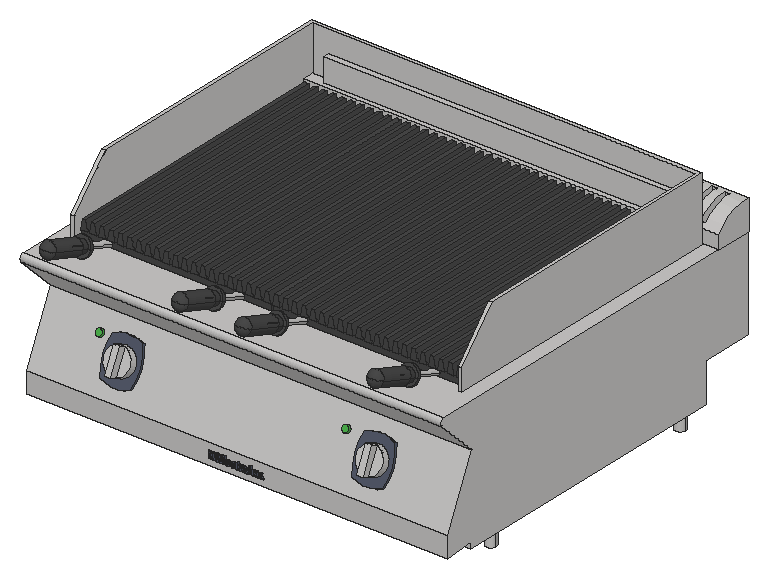
Revit family "QF_ELECTROLUXPROFESSIONAL_371240_E7GREHGS0U", category Specialty Equipment, Revit 2018 (continued)
Automatic sketch dimensions
  Extrusion 33 sketch curve to Extrusion 33 sketch curve = 1.251 mm
  Extrusion 33 sketch curve to Extrusion 33 sketch curve = 0.572 mm
  Extrusion 33 sketch curve to Extrusion 33 sketch curve = 1.92 mm
  Extrusion 33 sketch curve to Extrusion 33 sketch curve = 1.224 mm
  Extrusion 33 sketch curve to Extrusion 33 sketch curve = 0.745 mm
  Extrusion 33 sketch curve to Extrusion 33 sketch curve = 2.537 mm
  Extrusion 33 sketch curve to Extrusion 33 sketch curve = 0.896 mm  (x3)
  Extrusion 33 sketch curve to Extrusion 33 sketch curve = 0.036 mm
  Extrusion 33 sketch curve to Extrusion 33 sketch curve = 2.607 mm
  Extrusion 33 sketch curve to Extrusion 33 sketch curve = 0.066 mm
  Extrusion 33 sketch curve to Extrusion 33 sketch curve = 0.248 mm
  Extrusion 33 sketch curve to Extrusion 33 sketch curve = 0.449 mm
  Extrusion 33 sketch curve to Extrusion 33 sketch curve = 1.052 mm
  Extrusion 33 sketch curve to Extrusion 33 sketch curve = 1.863 mm
  Extrusion 33 sketch curve to Extrusion 33 sketch curve = 1.31 mm  (x2)
  Extrusion 33 sketch curve to Extrusion 33 sketch curve = 0.901 mm
  Extrusion 33 sketch curve to Extrusion 33 sketch curve = 1.107 mm
  Extrusion 33 sketch curve to Extrusion 33 sketch curve = 2.122 mm
  Extrusion 33 sketch curve to Extrusion 33 sketch curve = 2.101 mm
  Extrusion 33 sketch curve to Extrusion 33 sketch curve = 0.106 mm
  Extrusion 33 sketch curve to Extrusion 33 sketch curve = 0.029 mm
  Extrusion 33 sketch curve to Extrusion 33 sketch curve = 2.09 mm
  Extrusion 33 sketch curve to Extrusion 33 sketch curve = 1.279 mm
  Extrusion 33 sketch curve to Extrusion 33 sketch curve = 2.008 mm
  Extrusion 33 sketch curve to Extrusion 33 sketch curve = 0.738 mm
  Extrusion 33 sketch curve to Extrusion 33 sketch curve = 0.382 mm
  Extrusion 33 sketch curve to Extrusion 33 sketch curve = 0.384 mm
  Extrusion 33 sketch curve to Extrusion 33 sketch curve = 0.002 mm
  Extrusion 33 sketch curve to Extrusion 33 sketch curve = 0.561 mm
  Extrusion 33 sketch curve to Extrusion 33 sketch curve = 0.592 mm
  Extrusion 33 sketch curve to Extrusion 33 sketch curve = 2.692 mm
  Extrusion 33 sketch curve to Extrusion 33 sketch curve = 1.259 mm
  Extrusion 33 sketch curve to Extrusion 33 sketch curve = 0.802 mm
  Extrusion 33 sketch curve to Extrusion 33 sketch curve = 1.024 mm
  Extrusion 33 sketch curve to Extrusion 33 sketch curve = 0.682 mm
  Extrusion 33 sketch curve to Extrusion 33 sketch curve = 5.934 mm
  Extrusion 33 sketch curve to Extrusion 33 sketch curve = 2.186 mm
  Extrusion 33 sketch curve to Extrusion 33 sketch curve = 0.337 mm
  Extrusion 33 sketch curve to Extrusion 33 sketch curve = 0.021 mm
  Extrusion 33 sketch curve to Extrusion 33 sketch curve = 1.005 mm
  Extrusion 33 sketch curve to Extrusion 33 sketch curve = 0.552 mm
  Extrusion 33 sketch curve to Extrusion 33 sketch curve = 0.778 mm
  Extrusion 33 sketch curve to Extrusion 33 sketch curve = 0.063 mm
  Extrusion 33 sketch curve to Extrusion 33 sketch curve = 1.023 mm
  Extrusion 33 sketch curve to Extrusion 33 sketch curve = 3.804 mm
  Extrusion 33 sketch curve to Extrusion 33 sketch curve = 0.486 mm
  Extrusion 33 sketch curve to Extrusion 33 sketch curve = 0.266 mm  (x2)
  Extrusion 33 sketch curve to Extrusion 33 sketch curve = 1.547 mm
  Extrusion 33 sketch curve to Extrusion 33 sketch curve = 0.717 mm  (x2)
  Extrusion 33 sketch curve to Extrusion 33 sketch curve = 1.667 mm
  Extrusion 33 sketch curve to Extrusion 33 sketch curve = 3.174 mm
  Extrusion 33 sketch curve to Extrusion 33 sketch curve = 0.388 mm
  Extrusion 33 sketch curve to Extrusion 33 sketch curve = 1.342 mm
  Extrusion 33 sketch curve to Extrusion 33 sketch curve = 1.521 mm
  Extrusion 33 sketch curve to Extrusion 33 sketch curve = 0.124 mm
  Extrusion 33 sketch curve to Extrusion 33 sketch curve = 0.291 mm
  plane 7 "Center Y" to Extrusion 33 sketch curve = 3.796 mm
  Extrusion 33 sketch curve to Extrusion 33 sketch curve = 1.049 mm  (x2)
  Extrusion 33 sketch curve to Extrusion 33 sketch curve = 1.7 mm
  Extrusion 33 sketch curve to Extrusion 33 sketch curve = 0.894 mm
  Extrusion 33 sketch curve to Extrusion 33 sketch curve = 0.989 mm
  Extrusion 33 sketch curve to Extrusion 33 sketch curve = 1.168 mm
  Extrusion 33 sketch curve to Extrusion 33 sketch curve = 1.594 mm
  Extrusion 33 sketch curve to Extrusion 33 sketch curve = 0.731 mm
  Extrusion 33 sketch curve to Extrusion 33 sketch curve = 1.566 mm
  Extrusion 33 sketch curve to Extrusion 33 sketch curve = 0.064 mm
  plane 7 "Center Y" to Extrusion 33 sketch curve = 4.352 mm
  Extrusion 33 sketch curve to Extrusion 33 sketch curve = 0.556 mm  (x2)
  Extrusion 33 sketch curve to Extrusion 33 sketch curve = 0.48 mm
  Extrusion 33 sketch curve to Extrusion 33 sketch curve = 0.228 mm
  Extrusion 33 sketch curve to Extrusion 33 sketch curve = 1.018 mm
  Extrusion 33 sketch curve to Extrusion 33 sketch curve = 0.787 mm
  Extrusion 33 sketch curve to Extrusion 33 sketch curve = 0.618 mm
  Extrusion 33 sketch curve to Extrusion 33 sketch curve = 1.672 mm
  Extrusion 33 sketch curve to Extrusion 33 sketch curve = 1.361 mm
  Extrusion 33 sketch curve to Extrusion 33 sketch curve = 0.822 mm
  Extrusion 33 sketch curve to Extrusion 33 sketch curve = 0.069 mm
  Extrusion 33 sketch curve to Extrusion 33 sketch curve = 1.88 mm
  Extrusion 33 sketch curve to Extrusion 33 sketch curve = 0.42 mm
  Extrusion 33 sketch curve to Extrusion 33 sketch curve = 0.062 mm
  Extrusion 33 sketch curve to Extrusion 33 sketch curve = 1.355 mm
  Extrusion 33 sketch curve to Extrusion 33 sketch curve = 2.34 mm
  Extrusion 33 sketch curve to Extrusion 33 sketch curve = 0.493 mm
  Extrusion 33 sketch curve to Extrusion 33 sketch curve = 0.136 mm
  Extrusion 33 sketch curve to Extrusion 33 sketch curve = 0.128 mm
  Extrusion 33 sketch curve to Extrusion 33 sketch curve = 3.616 mm
  Extrusion 33 sketch curve to Extrusion 33 sketch curve = 4.207 mm
  Extrusion 33 sketch curve to Extrusion 33 sketch curve = 0.183 mm
  Extrusion 33 sketch curve to Extrusion 33 sketch curve = 0.895 mm
  Extrusion 33 sketch curve to Extrusion 33 sketch curve = 1.314 mm
  plane 7 "Center Y" to Extrusion 33 sketch curve = 1.492 mm
  Extrusion 33 sketch curve to Extrusion 33 sketch curve = 3.231 mm
  Extrusion 33 sketch curve to Extrusion 33 sketch curve = 1.299 mm
  Extrusion 33 sketch curve to Extrusion 33 sketch curve = 1.214 mm
  Extrusion 33 sketch curve to Extrusion 33 sketch curve = 1.264 mm
  Extrusion 33 sketch curve to Extrusion 33 sketch curve = 0.109 mm
  Extrusion 33 sketch curve to Extrusion 33 sketch curve = 0.357 mm
  Extrusion 33 sketch curve to Extrusion 33 sketch curve = 0.565 mm
  Extrusion 33 sketch curve to Extrusion 33 sketch curve = 2.504 mm
  Extrusion 33 sketch curve to Extrusion 33 sketch curve = 2.459 mm
  Extrusion 33 sketch curve to Extrusion 33 sketch curve = 1.322 mm
  Extrusion 33 sketch curve to Extrusion 33 sketch curve = 2.77 mm
  Extrusion 33 sketch curve to Extrusion 33 sketch curve = 2.51 mm
  Extrusion 33 sketch curve to Extrusion 33 sketch curve = 0.187 mm
  Extrusion 33 sketch curve to Extrusion 33 sketch curve = 2.559 mm
  Extrusion 33 sketch curve to Extrusion 33 sketch curve = 1.556 mm
  Extrusion 33 sketch curve to Extrusion 33 sketch curve = 0.222 mm
  Extrusion 33 sketch curve to Extrusion 33 sketch curve = 1.383 mm
  Extrusion 33 sketch curve to Extrusion 33 sketch curve = 3.114 mm
  Extrusion 33 sketch curve to Extrusion 33 sketch curve = 3.376 mm
  Extrusion 33 sketch curve to Extrusion 33 sketch curve = 0.934 mm
  Extrusion 33 sketch curve to Extrusion 33 sketch curve = 0.191 mm
  Extrusion 33 sketch curve to Extrusion 33 sketch curve = 3.696 mm
  Extrusion 33 sketch curve to Extrusion 33 sketch curve = 2.708 mm
  Extrusion 33 sketch curve to Extrusion 33 sketch curve = 3.333 mm
  Extrusion 33 sketch curve to Extrusion 33 sketch curve = 0.332 mm
  Extrusion 33 sketch curve to Extrusion 33 sketch curve = 1.087 mm
  Extrusion 33 sketch curve to Extrusion 33 sketch curve = 2.23 mm
  Extrusion 33 sketch curve to Extrusion 33 sketch curve = 2.757 mm
  Extrusion 33 sketch curve to Extrusion 33 sketch curve = 0.987 mm
  Extrusion 33 sketch curve to Extrusion 33 sketch curve = 1.529 mm
  Extrusion 33 sketch curve to Extrusion 33 sketch curve = 1.796 mm
  Extrusion 33 sketch curve to Extrusion 33 sketch curve = 2.859 mm
  Extrusion 33 sketch curve to Extrusion 33 sketch curve = 0.853 mm
  Extrusion 33 sketch curve to Extrusion 33 sketch curve = 1.241 mm
  Extrusion 33 sketch curve to Extrusion 33 sketch curve = 2.046 mm  (x2)
  Extrusion 33 sketch curve to Extrusion 33 sketch curve = 2.422 mm
  Extrusion 33 sketch curve to Extrusion 33 sketch curve = 0.27 mm  (x2)
  Extrusion 33 sketch curve to Extrusion 33 sketch curve = 0.69 mm
  Extrusion 33 sketch curve to Extrusion 33 sketch curve = 0.781 mm  (x2)
  Extrusion 33 sketch curve to Extrusion 33 sketch curve = 3.136 mm
  Extrusion 33 sketch curve to Extrusion 33 sketch curve = 1.767 mm
  Extrusion 33 sketch curve to Extrusion 33 sketch curve = 0.138 mm
  Extrusion 33 sketch curve to Extrusion 33 sketch curve = 0.777 mm
  Extrusion 33 sketch curve to Extrusion 33 sketch curve = 1.19 mm
  Extrusion 33 sketch curve to Extrusion 33 sketch curve = 0.782 mm
  Extrusion 33 sketch curve to Extrusion 33 sketch curve = 1.268 mm
  Extrusion 33 sketch curve to Extrusion 33 sketch curve = 0.422 mm  (x2)
  Extrusion 33 sketch curve to Extrusion 33 sketch curve = 1.559 mm
  Extrusion 33 sketch curve to Extrusion 33 sketch curve = 3.927 mm
  Extrusion 33 sketch curve to Extrusion 33 sketch curve = 0.983 mm
  Extrusion 33 sketch curve to Extrusion 33 sketch curve = 1.134 mm
  plane 7 "Center Y" to Extrusion 33 sketch curve = 0.896 mm
  Extrusion 33 sketch curve to Extrusion 33 sketch curve = 1.501 mm
  Extrusion 33 sketch curve to Extrusion 33 sketch curve = 1.808 mm
  Extrusion 33 sketch curve to Extrusion 33 sketch curve = 0.643 mm
  Extrusion 33 sketch curve to Extrusion 33 sketch curve = 0.916 mm
  Extrusion 33 sketch curve to Extrusion 33 sketch curve = 0.352 mm
  Extrusion 33 sketch curve to Extrusion 33 sketch curve = 0.458 mm
  Extrusion 33 sketch curve to Extrusion 33 sketch curve = 1.282 mm
  Extrusion 33 sketch curve to Extrusion 33 sketch curve = 1.363 mm
  Extrusion 33 sketch curve to Extrusion 33 sketch curve = 0.685 mm
  Extrusion 33 sketch curve to Extrusion 33 sketch curve = 0.905 mm
  Extrusion 33 sketch curve to Extrusion 33 sketch curve = 2.865 mm
  Extrusion 33 sketch curve to Extrusion 33 sketch curve = 0.472 mm
  Extrusion 33 sketch curve to Extrusion 33 sketch curve = 0.101 mm
  Extrusion 33 sketch curve to Extrusion 33 sketch curve = 0.54 mm
  Extrusion 33 sketch curve to Extrusion 33 sketch curve = 0.02 mm
  Extrusion 33 sketch curve to Extrusion 33 sketch curve = 0.468 mm
  Extrusion 33 sketch curve to Extrusion 33 sketch curve = 0.829 mm
  Extrusion 33 sketch curve to Extrusion 33 sketch curve = 0.582 mm
  Extrusion 33 sketch curve to Extrusion 33 sketch curve = 0.166 mm
  Extrusion 33 sketch curve to Extrusion 33 sketch curve = 0.16 mm
  Extrusion 33 sketch curve to Extrusion 33 sketch curve = 2.781 mm
  Extrusion 33 sketch curve to Extrusion 33 sketch curve = 1.118 mm
  Extrusion 33 sketch curve to Extrusion 33 sketch curve = 0.613 mm
  Extrusion 33 sketch curve to Extrusion 33 sketch curve = 0.361 mm
  Extrusion 33 sketch curve to Extrusion 33 sketch curve = 0.897 mm
  Extrusion 33 sketch curve to Extrusion 33 sketch curve = 0.167 mm
  Extrusion 33 sketch curve to Extrusion 33 sketch curve = 0.292 mm
  Extrusion 33 sketch curve to Extrusion 33 sketch curve = 0.305 mm
  Extrusion 33 sketch curve to Extrusion 33 sketch curve = 1.557 mm
  Extrusion 33 sketch curve to Extrusion 33 sketch curve = 2.499 mm
  Extrusion 33 sketch curve to Extrusion 33 sketch curve = 3.062 mm
  Extrusion 33 sketch curve to Extrusion 33 sketch curve = 2.968 mm
  Extrusion 33 sketch curve to Extrusion 33 sketch curve = 5.044 mm
  Extrusion 33 sketch curve to Extrusion 33 sketch curve = 0.629 mm  (x2)
  Extrusion 33 sketch curve to Extrusion 33 sketch curve = 1.131 mm
  Extrusion 33 sketch curve to Extrusion 33 sketch curve = 0.137 mm
  Extrusion 33 sketch curve to Extrusion 33 sketch curve = 0.027 mm
  Extrusion 33 sketch curve to Extrusion 33 sketch curve = 2.235 mm
  plane 1 "BACK" to curve 129 = 0 mm
  curve 129 to plane 7 "Center Y" = 0 mm
  plane 1 "BACK" to curve 125 = 6.761 mm
  curve 128 to plane 7 "Center Y" = 29.703 mm
  curve 125 to curve 125 = 9.296 mm
  curve 124 to curve 126 = 16.193 mm
  curve 121 to curve 121 = 9.296 mm
  curve 120 to curve 122 = 16.193 mm
  curve 117 to curve 117 = 9.296 mm
  curve 116 to curve 118 = 16.193 mm
  curve 113 to curve 113 = 9.296 mm
  curve 112 to curve 114 = 16.193 mm
  curve 110 to curve 109 = 9.296 mm
  curve 107 to curve 110 = 16.193 mm
  curve 106 to curve 105 = 9.296 mm
  curve 103 to curve 106 = 16.193 mm
  curve 102 to curve 101 = 9.296 mm
  plane 1 "BACK" to curve 97 = 6.761 mm
  curve 97 to curve 101 = 16.193 mm
  curve 97 to curve 97 = 9.296 mm
  curve 96 to curve 98 = 16.193 mm
  curve 93 to curve 93 = 9.296 mm
  curve 92 to curve 94 = 16.193 mm
  curve 89 to curve 89 = 9.296 mm
  curve 88 to curve 90 = 16.193 mm
  curve 85 to curve 85 = 9.296 mm
  curve 84 to curve 86 = 16.193 mm
  curve 81 to curve 81 = 9.296 mm
  curve 80 to curve 82 = 16.193 mm
  curve 77 to curve 77 = 9.296 mm
  curve 76 to curve 78 = 16.193 mm
  curve 73 to curve 73 = 9.296 mm
  plane 7 "Center Y" to curve 185 = 29.703 mm
  curve 184 to curve 183 = 9.296 mm
  curve 182 to curve 181 = 16.193 mm
  curve 180 to curve 179 = 9.296 mm
  curve 178 to curve 177 = 16.193 mm
  curve 176 to curve 175 = 9.296 mm
  curve 175 to curve 173 = 16.193 mm
  curve 172 to curve 171 = 9.296 mm
  curve 171 to curve 169 = 16.193 mm
  curve 168 to curve 167 = 9.296 mm
  curve 167 to curve 165 = 16.193 mm
  curve 164 to curve 163 = 9.296 mm
  curve 163 to curve 161 = 16.193 mm
  curve 160 to curve 159 = 9.296 mm
  curve 158 to curve 157 = 16.193 mm
  curve 156 to curve 155 = 9.296 mm
  curve 154 to curve 153 = 16.193 mm
  curve 152 to curve 151 = 9.296 mm
  curve 150 to curve 149 = 16.193 mm
  curve 148 to curve 147 = 9.296 mm
  curve 146 to curve 145 = 16.193 mm
  curve 144 to curve 143 = 9.296 mm
  curve 142 to curve 141 = 16.193 mm
  curve 140 to curve 139 = 9.296 mm
  curve 138 to curve 137 = 16.193 mm
  curve 136 to curve 135 = 9.296 mm
  curve 134 to curve 133 = 16.193 mm
  curve 132 to curve 131 = 9.296 mm
  plane 1 "BACK" to curve 131 = 6.761 mm
  plane 1 "BACK" to curve 101 = 6.761 mm
  curve 185 to curve 185 = 57.15 mm
  curve 128 to curve 125 = 57.15 mm
  curve 131 to curve 130 = 57.15 mm
  curve 124 to curve 126 = 0 mm
  curve 135 to curve 132 = 0 mm
  curve 120 to curve 122 = 0 mm
  curve 139 to curve 136 = 0 mm
  curve 116 to curve 118 = 0 mm
  curve 143 to curve 140 = 0 mm
  curve 112 to curve 114 = 0 mm
  curve 147 to curve 144 = 0 mm
  curve 108 to curve 110 = 0 mm
  curve 151 to curve 148 = 0 mm
  curve 104 to curve 106 = 0 mm
  curve 155 to curve 152 = 0 mm
  curve 100 to curve 102 = 0 mm
  curve 159 to curve 156 = 0 mm
  curve 96 to curve 98 = 0 mm
  curve 163 to curve 160 = 0 mm
  curve 92 to curve 94 = 0 mm
  curve 167 to curve 164 = 0 mm
  curve 88 to curve 90 = 0 mm
  curve 171 to curve 168 = 0 mm
  curve 84 to curve 86 = 0 mm
  curve 175 to curve 172 = 0 mm
  curve 80 to curve 82 = 0 mm
  curve 179 to curve 176 = 0 mm
  curve 76 to curve 78 = 0 mm
  curve 129 to curve 127 = 5.939 mm
  plane 1 "BACK" to curve 134 = 6.761 mm
  plane 1 "BACK" to curve 124 = 6.761 mm
  plane 1 "BACK" to curve 138 = 6.761 mm
  plane 1 "BACK" to curve 120 = 6.761 mm
  plane 1 "BACK" to curve 142 = 6.761 mm
  plane 1 "BACK" to curve 116 = 6.761 mm
  plane 1 "BACK" to curve 146 = 6.761 mm
  plane 1 "BACK" to curve 112 = 6.761 mm
  plane 1 "BACK" to curve 150 = 6.761 mm
  plane 1 "BACK" to curve 108 = 6.761 mm
  plane 1 "BACK" to curve 154 = 6.761 mm
  plane 1 "BACK" to curve 73 = 6.761 mm
  plane 1 "BACK" to curve 158 = 6.761 mm
  plane 1 "BACK" to curve 162 = 6.761 mm
  plane 1 "BACK" to curve 94 = 6.761 mm
  plane 1 "BACK" to curve 166 = 6.761 mm
  plane 1 "BACK" to curve 90 = 6.761 mm
  plane 1 "BACK" to curve 170 = 6.761 mm
  plane 1 "BACK" to curve 88 = 6.761 mm
  plane 1 "BACK" to curve 174 = 6.761 mm
  plane 1 "BACK" to curve 82 = 6.761 mm
  plane 1 "BACK" to curve 178 = 6.761 mm
  plane 1 "BACK" to curve 80 = 6.761 mm
  plane 1 "BACK" to curve 182 = 6.761 mm
  curve 72 to plane 4 "RIGHT" = 0 mm
  plane 1 "BACK" to curve 5 = 0 mm
  curve 12 to plane 4 "RIGHT" = 28.675 mm
  curve 11 to curve 8 = 6.35 mm
  curve 8 to curve 28 = 1.554 mm
  curve 27 to curve 31 = 29.815 mm
  curve 65 to plane 5 "FRONT" = 33.678 mm
  curve 67 to plane 5 "FRONT" = 33.678 mm  (x2)
  curve 59 to curve 67 = 1.095 mm
  curve 68 to curve 56 = 48.569 mm
  curve 65 to curve 67 = 0.082 mm
  curve 59 to plane 5 "FRONT" = 34.563 mm
  curve 56 to curve 59 = 5.052 mm
  curve 65 to curve 63 = 0.082 mm
  curve 67 to curve 59 = 1.095 mm
  curve 59 to curve 60 = 1.658 mm
  curve 65 to plane 5 "FRONT" = 33.795 mm
  curve 65 to curve 59 = 0.076 mm
  curve 54 to plane 5 "FRONT" = 33.678 mm
  curve 55 to plane 5 "FRONT" = 33.678 mm  (x2)
  curve 48 to curve 55 = 1.095 mm
  plane 7 "Center Y" to curve 44 = 65.257 mm
  curve 54 to curve 52 = 0.082 mm
  curve 48 to plane 5 "FRONT" = 34.563 mm
  curve 44 to curve 48 = 5.052 mm
  curve 54 to curve 55 = 0.082 mm
  curve 55 to curve 48 = 1.095 mm
  curve 54 to plane 5 "FRONT" = 33.795 mm
  curve 54 to curve 48 = 0.076 mm
  curve 36 to plane 5 "FRONT" = 34.563 mm
  curve 36 to plane 7 "Center Y" = 39.916 mm
  curve 36 to curve 42 = 0.076 mm
  curve 37 to plane 5 "FRONT" = 19.009 mm
  curve 36 to curve 43 = 1.095 mm
  curve 37 to plane 5 "FRONT" = 33.678 mm
  curve 33 to curve 36 = 5.052 mm
  curve 41 to curve 39 = 14.98 mm
  curve 43 to curve 42 = 0.082 mm
  curve 43 to plane 5 "FRONT" = 33.678 mm
  curve 34 to curve 36 = 1.095 mm
  curve 36 to curve 34 = 1.658 mm
  curve 17 to curve 23 = 0.076 mm
  curve 18 to plane 5 "FRONT" = 33.678 mm
  curve 17 to curve 18 = 1.095 mm
  plane 11 to curve 24 = 34.08 mm
  curve 24 to curve 17 = 5.052 mm
  curve 21 to curve 25 = 0 mm
  curve 25 to curve 23 = 0.082 mm
  curve 15 to plane 5 "FRONT" = 33.678 mm
  curve 14 to curve 15 = 7.175 mm
  curve 15 to curve 17 = 1.095 mm
  curve 17 to curve 15 = 1.658 mm
  curve 29 to curve 26 = 29.948 mm
  plane 3 "LEFT" to curve 68 = 35.025 mm
  curve 26 to curve 6 = 1.421 mm
  curve 6 to curve 7 = 6.35 mm
  curve 4 to curve 72 = 69.85 mm
  curve 70 to curve 72 = 0 mm
  curve 70 to curve 12 = 3.685 mm
  curve 11 to curve 28 = 5.929 mm
  curve 28 to curve 31 = 0.421 mm
  curve 29 to curve 30 = 12.928 mm
  curve 8 to curve 27 = 22.49 mm
  curve 68 to curve 13 = 12.92 mm
  curve 68 to curve 7 = 12.92 mm
  curve 45 to curve 48 = 8.626 mm
  curve 32 to curve 36 = 8.626 mm
  curve 66 to curve 59 = 8.626 mm
  curve 36 to curve 42 = 0.768 mm
  curve 17 to curve 23 = 0.768 mm
  curve 59 to plane 5 "FRONT" = 27.845 mm
  curve 17 to plane 5 "FRONT" = 27.845 mm
  curve 36 to plane 5 "FRONT" = 27.845 mm
  curve 48 to plane 5 "FRONT" = 27.845 mm
  curve 55 to curve 54 = 10.001 mm
  curve 67 to curve 65 = 10.001 mm
  curve 25 to curve 23 = 10.001 mm
  curve 43 to curve 42 = 10.001 mm
  curve 65 to curve 63 = 10.341 mm
  curve 23 to curve 21 = 10.341 mm
  curve 42 to curve 40 = 10.341 mm
  curve 54 to curve 52 = 10.341 mm
  curve 40 to curve 39 = 35.659 mm
  curve 21 to curve 20 = 35.659 mm
  curve 52 to curve 51 = 35.659 mm
  curve 63 to curve 62 = 35.659 mm
  curve 62 to curve 61 = 6.404 mm
  curve 39 to curve 41 = 6.404 mm
  curve 62 to curve 62 = 6.404 mm
  curve 20 to curve 16 = 6.404 mm
  curve 51 to curve 50 = 6.404 mm
  curve 20 to curve 19 = 6.404 mm
  curve 51 to curve 51 = 6.404 mm
  curve 62 to curve 64 = 17.183 mm
  curve 39 to curve 41 = 17.183 mm
  curve 51 to curve 53 = 17.183 mm
  curve 16 to curve 22 = 17.183 mm
  curve 69 to plane 3 "LEFT" = 0 mm
  curve 17 to curve 6 = 73.91 mm
  curve 25 to curve 23 = 8.305 mm
  curve 23 to curve 25 = 0 mm
  curve 4 to plane 5 "FRONT" = 0 mm
  plane 5 "FRONT" to curve 40 = 3.612 mm
  curve 37 to curve 40 = 14.98 mm
  curve 43 to curve 42 = 8.305 mm
  curve 18 to plane 5 "FRONT" = 19.009 mm
  curve 23 to curve 18 = 5.233 mm
  curve 24 to curve 68 = 58.673 mm
  curve 54 to curve 44 = 15.48 mm
  curve 54 to plane 5 "FRONT" = 6.728 mm
  curve 65 to curve 56 = 15.48 mm
  curve 58 to curve 59 = 1.658 mm
  curve 54 to curve 47 = 5.553 mm
  curve 52 to curve 48 = 1.658 mm
  curve 58 to curve 67 = 14.98 mm
  curve 5 to plane 5 "FRONT" = 0 mm
  curve 42 to curve 37 = 5.233 mm
  plane 5 "FRONT" to curve 3 = 0 mm
  curve 190 to plane 4 "RIGHT" = 0 mm
  plane 5 "FRONT" to curve 190 = 0 mm
  plane 5 "FRONT" to curve 193 = 0 mm
  plane 5 "FRONT" to curve 188 = 0 mm
  plane 5 "FRONT" to curve 187 = 0 mm
  plane 5 "FRONT" to curve 186 = 0 mm
  curve 186 to plane 3 "LEFT" = 0 mm
  plane 5 "FRONT" to curve 1 = 0 mm
  plane 4 "RIGHT" to curve 2 = 150.019 mm
  curve 190 to curve 190 = 73.666 mm
  curve 190 to curve 189 = 29.96 mm
  curve 189 to curve 193 = 34.474 mm
  plane 7 "Center Y" to curve 189 = 75.185 mm
  curve 189 to curve 188 = 29.96 mm
  curve 188 to plane 7 "Center Y" = 45.225 mm
  curve 188 to curve 187 = 29.96 mm
  plane 3 "LEFT" to curve 192 = 138.1 mm
  curve 191 to curve 187 = 34.474 mm
  curve 187 to curve 186 = 29.96 mm
  curve 186 to curve 1 = 150.019 mm
  curve 1 to plane 1 "BACK" = 150.019 mm
  curve 193 to curve 192 = 470.75 mm
  Extrusion 1 sketch curve to plane 10 "TOP A" = 0 mm
  Extrusion 1 sketch curve to plane 9 "BASE" = 0 mm
  Extrusion 1 sketch curve to plane 1 "BACK" = 0 mm
  Extrusion 1 sketch curve to plane 12 = 46.038 mm
  plane 11 to Extrusion 1 sketch curve = 59.531 mm
  plane 9 "BASE" to Extrusion 1 sketch curve = 12.7 mm
  plane 11 to Extrusion 1 sketch curve = 62.516 mm
  Extrusion 1 sketch curve to plane 5 "FRONT" = 16.478 mm
  Extrusion 1 sketch curve to plane 5 "FRONT" = 7.399 mm
  Extrusion 1 sketch curve to plane 5 "FRONT" = 2.198 mm
  plane 9 "BASE" to Extrusion 1 sketch curve = 7.09 mm
  Extrusion 1 sketch curve to Extrusion 1 sketch curve = 38.1 mm
  plane 9 "BASE" to Extrusion 1 sketch curve = 74.612 mm
  Extrusion 1 sketch curve to plane 10 "TOP A" = 83.191 mm
  Extrusion 1 sketch curve to plane 10 "TOP A" = 12.555 mm
  radius of Extrusion 7 sketch curve = 25.4 mm
  radius of Extrusion 8 sketch curve to Extrusion 7 = 0 mm  (x2)
  radius of Extrusion 9 sketch curve = 6.35 mm
  radius of Extrusion 11 sketch curve = 25.4 mm
  radius of Extrusion 12 sketch curve to Extrusion 11 = 0 mm  (x2)
  radius of Extrusion 2 sketch curve = 9.525 mm  (x4)
  radius of Extrusion 3 sketch curve = 12.7 mm
  radius of Extrusion 5 sketch curve = 6.35 mm
  radius of Extrusion 18 sketch curve = 5 mm
  radius of Extrusion 21 sketch curve = 5 mm
  radius of Extrusion 25 sketch curve = 5 mm
  radius of Extrusion 27 sketch curve = 5 mm
Nested families
  nested 1: "371063_QF_Electrolux_GRILL" at (36.446, -102.375, 287.338), type "371063_QF_Electrolux_GRILL"
    with Type Mark "", Specification by User "", Revision Code "", Item Number "", Installed By "", Identify Quantity as Lot yes, Furnished By "", Foodservice Equipment Identifier yes
  nested 2: "371063_QF_Electrolux_GRILL" at (750.821, -102.375, 287.338), type "371063_QF_Electrolux_GRILL"
    with Type Mark "", Specification by User "", Revision Code "", Item Number "", Installed By "", Identify Quantity as Lot yes, Furnished By "", Foodservice Equipment Identifier yes
  nested 3: "371063_QF_Electrolux_GRILL" at (53.869, -102.375, 287.338), type "371063_QF_Electrolux_GRILL"
    with Type Mark "", Specification by User "", Revision Code "", Item Number "", Installed By "", Identify Quantity as Lot yes, Furnished By "", Foodservice Equipment Identifier yes
  nested 4: "371063_QF_Electrolux_GRILL" at (71.293, -102.375, 287.338), type "371063_QF_Electrolux_GRILL"
    with Type Mark "", Specification by User "", Revision Code "", Item Number "", Installed By "", Identify Quantity as Lot yes, Furnished By "", Foodservice Equipment Identifier yes
  nested 5: "371063_QF_Electrolux_GRILL" at (88.717, -102.375, 287.338), type "371063_QF_Electrolux_GRILL"
    with Type Mark "", Specification by User "", Revision Code "", Item Number "", Installed By "", Identify Quantity as Lot yes, Furnished By "", Foodservice Equipment Identifier yes
  nested 6: "371063_QF_Electrolux_GRILL" at (106.141, -102.375, 287.338), type "371063_QF_Electrolux_GRILL"
    with Type Mark "", Specification by User "", Revision Code "", Item Number "", Installed By "", Identify Quantity as Lot yes, Furnished By "", Foodservice Equipment Identifier yes
  nested 7: "371063_QF_Electrolux_GRILL" at (123.564, -102.375, 287.338), type "371063_QF_Electrolux_GRILL"
    with Type Mark "", Specification by User "", Revision Code "", Item Number "", Installed By "", Identify Quantity as Lot yes, Furnished By "", Foodservice Equipment Identifier yes
  nested 8: "371063_QF_Electrolux_GRILL" at (140.988, -102.375, 287.338), type "371063_QF_Electrolux_GRILL"
    with Type Mark "", Specification by User "", Revision Code "", Item Number "", Installed By "", Identify Quantity as Lot yes, Furnished By "", Foodservice Equipment Identifier yes
  nested 9: "371063_QF_Electrolux_GRILL" at (158.412, -102.375, 287.338), type "371063_QF_Electrolux_GRILL"
    with Type Mark "", Specification by User "", Revision Code "", Item Number "", Installed By "", Identify Quantity as Lot yes, Furnished By "", Foodservice Equipment Identifier yes
  nested 10: "371063_QF_Electrolux_GRILL" at (175.836, -102.375, 287.338), type "371063_QF_Electrolux_GRILL"
    with Type Mark "", Specification by User "", Revision Code "", Item Number "", Installed By "", Identify Quantity as Lot yes, Furnished By "", Foodservice Equipment Identifier yes
  nested 11: "371063_QF_Electrolux_GRILL" at (193.26, -102.375, 287.338), type "371063_QF_Electrolux_GRILL"
    with Type Mark "", Specification by User "", Revision Code "", Item Number "", Installed By "", Identify Quantity as Lot yes, Furnished By "", Foodservice Equipment Identifier yes
  nested 12: "371063_QF_Electrolux_GRILL" at (210.683, -102.375, 287.338), type "371063_QF_Electrolux_GRILL"
    with Type Mark "", Specification by User "", Revision Code "", Item Number "", Installed By "", Identify Quantity as Lot yes, Furnished By "", Foodservice Equipment Identifier yes
  nested 13: "371063_QF_Electrolux_GRILL" at (228.107, -102.375, 287.338), type "371063_QF_Electrolux_GRILL"
    with Type Mark "", Specification by User "", Revision Code "", Item Number "", Installed By "", Identify Quantity as Lot yes, Furnished By "", Foodservice Equipment Identifier yes
  nested 14: "371063_QF_Electrolux_GRILL" at (245.531, -102.375, 287.338), type "371063_QF_Electrolux_GRILL"
    with Type Mark "", Specification by User "", Revision Code "", Item Number "", Installed By "", Identify Quantity as Lot yes, Furnished By "", Foodservice Equipment Identifier yes
  nested 15: "371063_QF_Electrolux_GRILL" at (262.955, -102.375, 287.338), type "371063_QF_Electrolux_GRILL"
    with Type Mark "", Specification by User "", Revision Code "", Item Number "", Installed By "", Identify Quantity as Lot yes, Furnished By "", Foodservice Equipment Identifier yes
  nested 16: "371063_QF_Electrolux_GRILL" at (280.378, -102.375, 287.338), type "371063_QF_Electrolux_GRILL"
    with Type Mark "", Specification by User "", Revision Code "", Item Number "", Installed By "", Identify Quantity as Lot yes, Furnished By "", Foodservice Equipment Identifier yes
  nested 17: "371063_QF_Electrolux_GRILL" at (297.802, -102.375, 287.338), type "371063_QF_Electrolux_GRILL"
    with Type Mark "", Specification by User "", Revision Code "", Item Number "", Installed By "", Identify Quantity as Lot yes, Furnished By "", Foodservice Equipment Identifier yes
  nested 18: "371063_QF_Electrolux_GRILL" at (315.226, -102.375, 287.338), type "371063_QF_Electrolux_GRILL"
    with Type Mark "", Specification by User "", Revision Code "", Item Number "", Installed By "", Identify Quantity as Lot yes, Furnished By "", Foodservice Equipment Identifier yes
  nested 19: "371063_QF_Electrolux_GRILL" at (332.65, -102.375, 287.338), type "371063_QF_Electrolux_GRILL"
    with Type Mark "", Specification by User "", Revision Code "", Item Number "", Installed By "", Identify Quantity as Lot yes, Furnished By "", Foodservice Equipment Identifier yes
  nested 20: "371063_QF_Electrolux_GRILL" at (350.074, -102.375, 287.338), type "371063_QF_Electrolux_GRILL"
    with Type Mark "", Specification by User "", Revision Code "", Item Number "", Installed By "", Identify Quantity as Lot yes, Furnished By "", Foodservice Equipment Identifier yes
  nested 21: "371063_QF_Electrolux_GRILL" at (367.497, -102.375, 287.338), type "371063_QF_Electrolux_GRILL"
    with Type Mark "", Specification by User "", Revision Code "", Item Number "", Installed By "", Identify Quantity as Lot yes, Furnished By "", Foodservice Equipment Identifier yes
  nested 22: "371063_QF_Electrolux_GRILL" at (384.921, -102.375, 287.338), type "371063_QF_Electrolux_GRILL"
    with Type Mark "", Specification by User "", Revision Code "", Item Number "", Installed By "", Identify Quantity as Lot yes, Furnished By "", Foodservice Equipment Identifier yes
  nested 23: "371063_QF_Electrolux_GRILL" at (402.345, -102.375, 287.338), type "371063_QF_Electrolux_GRILL"
    with Type Mark "", Specification by User "", Revision Code "", Item Number "", Installed By "", Identify Quantity as Lot yes, Furnished By "", Foodservice Equipment Identifier yes
  nested 24: "371063_QF_Electrolux_GRILL" at (419.769, -102.375, 287.338), type "371063_QF_Electrolux_GRILL"
    with Type Mark "", Specification by User "", Revision Code "", Item Number "", Installed By "", Identify Quantity as Lot yes, Furnished By "", Foodservice Equipment Identifier yes
  nested 25: "371063_QF_Electrolux_GRILL" at (437.192, -102.375, 287.338), type "371063_QF_Electrolux_GRILL"
    with Type Mark "", Specification by User "", Revision Code "", Item Number "", Installed By "", Identify Quantity as Lot yes, Furnished By "", Foodservice Equipment Identifier yes
  nested 26: "371063_QF_Electrolux_GRILL" at (454.616, -102.375, 287.338), type "371063_QF_Electrolux_GRILL"
    with Type Mark "", Specification by User "", Revision Code "", Item Number "", Installed By "", Identify Quantity as Lot yes, Furnished By "", Foodservice Equipment Identifier yes
  nested 27: "371063_QF_Electrolux_GRILL" at (472.04, -102.375, 287.338), type "371063_QF_Electrolux_GRILL"
    with Type Mark "", Specification by User "", Revision Code "", Item Number "", Installed By "", Identify Quantity as Lot yes, Furnished By "", Foodservice Equipment Identifier yes
  nested 28: "371063_QF_Electrolux_GRILL" at (489.464, -102.375, 287.338), type "371063_QF_Electrolux_GRILL"
    with Type Mark "", Specification by User "", Revision Code "", Item Number "", Installed By "", Identify Quantity as Lot yes, Furnished By "", Foodservice Equipment Identifier yes
  nested 29: "371063_QF_Electrolux_GRILL" at (506.888, -102.375, 287.338), type "371063_QF_Electrolux_GRILL"
    with Type Mark "", Specification by User "", Revision Code "", Item Number "", Installed By "", Identify Quantity as Lot yes, Furnished By "", Foodservice Equipment Identifier yes
  nested 30: "371063_QF_Electrolux_GRILL" at (524.311, -102.375, 287.338), type "371063_QF_Electrolux_GRILL"
    with Type Mark "", Specification by User "", Revision Code "", Item Number "", Installed By "", Identify Quantity as Lot yes, Furnished By "", Foodservice Equipment Identifier yes
  nested 31: "371063_QF_Electrolux_GRILL" at (541.735, -102.375, 287.338), type "371063_QF_Electrolux_GRILL"
    with Type Mark "", Specification by User "", Revision Code "", Item Number "", Installed By "", Identify Quantity as Lot yes, Furnished By "", Foodservice Equipment Identifier yes
  nested 32: "371063_QF_Electrolux_GRILL" at (559.159, -102.375, 287.338), type "371063_QF_Electrolux_GRILL"
    with Type Mark "", Specification by User "", Revision Code "", Item Number "", Installed By "", Identify Quantity as Lot yes, Furnished By "", Foodservice Equipment Identifier yes
  nested 33: "371063_QF_Electrolux_GRILL" at (576.583, -102.375, 287.338), type "371063_QF_Electrolux_GRILL"
    with Type Mark "", Specification by User "", Revision Code "", Item Number "", Installed By "", Identify Quantity as Lot yes, Furnished By "", Foodservice Equipment Identifier yes
  nested 34: "371063_QF_Electrolux_GRILL" at (594.007, -102.375, 287.338), type "371063_QF_Electrolux_GRILL"
    with Type Mark "", Specification by User "", Revision Code "", Item Number "", Installed By "", Identify Quantity as Lot yes, Furnished By "", Foodservice Equipment Identifier yes
  nested 35: "371063_QF_Electrolux_GRILL" at (611.43, -102.375, 287.338), type "371063_QF_Electrolux_GRILL"
    with Type Mark "", Specification by User "", Revision Code "", Item Number "", Installed By "", Identify Quantity as Lot yes, Furnished By "", Foodservice Equipment Identifier yes
  nested 36: "371063_QF_Electrolux_GRILL" at (628.854, -102.375, 287.338), type "371063_QF_Electrolux_GRILL"
    with Type Mark "", Specification by User "", Revision Code "", Item Number "", Installed By "", Identify Quantity as Lot yes, Furnished By "", Foodservice Equipment Identifier yes
  nested 37: "371063_QF_Electrolux_GRILL" at (646.278, -102.375, 287.338), type "371063_QF_Electrolux_GRILL"
    with Type Mark "", Specification by User "", Revision Code "", Item Number "", Installed By "", Identify Quantity as Lot yes, Furnished By "", Foodservice Equipment Identifier yes
  nested 38: "371063_QF_Electrolux_GRILL" at (663.702, -102.375, 287.338), type "371063_QF_Electrolux_GRILL"
    with Type Mark "", Specification by User "", Revision Code "", Item Number "", Installed By "", Identify Quantity as Lot yes, Furnished By "", Foodservice Equipment Identifier yes
  nested 39: "371063_QF_Electrolux_GRILL" at (681.125, -102.375, 287.338), type "371063_QF_Electrolux_GRILL"
    with Type Mark "", Specification by User "", Revision Code "", Item Number "", Installed By "", Identify Quantity as Lot yes, Furnished By "", Foodservice Equipment Identifier yes
  nested 40: "371063_QF_Electrolux_GRILL" at (698.549, -102.375, 287.338), type "371063_QF_Electrolux_GRILL"
    with Type Mark "", Specification by User "", Revision Code "", Item Number "", Installed By "", Identify Quantity as Lot yes, Furnished By "", Foodservice Equipment Identifier yes
  nested 41: "371063_QF_Electrolux_GRILL" at (715.973, -102.375, 287.338), type "371063_QF_Electrolux_GRILL"
    with Type Mark "", Specification by User "", Revision Code "", Item Number "", Installed By "", Identify Quantity as Lot yes, Furnished By "", Foodservice Equipment Identifier yes
  nested 42: "371063_QF_Electrolux_GRILL" at (733.397, -102.375, 287.338), type "371063_QF_Electrolux_GRILL"
    with Type Mark "", Specification by User "", Revision Code "", Item Number "", Installed By "", Identify Quantity as Lot yes, Furnished By "", Foodservice Equipment Identifier yes
Connectors
  electrical at (747.712, -98.425, 57.718), driven by "Volts", driven by "Watts"
    settings: on Extrusion 3, index 1, voltage 400 V, apparent load 12000 VA, apparent load phase1 0 VA, apparent load phase2 0 VA, apparent load phase3 0 VA, power factor 1, load classification "Other", number of poles 1, system type 30, power factor state 1, is connector primary yes, connector utility no, sub classification motor no, connector description "Electrical Connection"
Definition of nested family "371063_QF_Electrolux_GRILL"
  Parameters
    Weight in Pounds = 0
    URL Cutsheet = ""
    URL = ""
    Type Mark [instance] = ""
    Specification by User [instance] = ""
    Specification by Manufacturer = ""
    Serial Number = ""
    Seismic Rating = ""
    SMACNA No = ""
    Revision Code [instance] = ""
    Omniclass Number and Title = ""
    NAFEM Spec ID Number = ""
    Model = ""
    Masterspec = ""
    Manufacturer = ""
    Item Number [instance] = ""
    Installed By [instance] = ""
    Identify Quantity as Lot [instance] = yes
    Furnished By [instance] = ""
    Foodservice Equipment Identifier [instance] = yes
    Description = ""
    CSI MasterFormat = ""
    CSI Master Format = ""
    Assembly Code = ""
  Reference planes
    plane 1 "BACK": y = 0
    plane 2: z = 0
    plane 3 "LEFT": x = 0
    plane 4 "RIGHT": x = 12.7
    plane 5 "FRONT": y = -529.58
    plane 6 "TOP": z = 19.576
    plane 7 "Center Y": x = 6.35
    plane 8 "Center X": y = -264.79
    plane 9: y = -147.637
  Forms (mm)
    Extrusion 1, solid
      sketch origin (-1.421, -501.68, -12.7) x (1, 0, 0) y (0, 0, 1)
        loop
          line (1.421, 12.7) -> (14.121, 12.7) -> (11.081, 32.276) -> (4.46, 32.276) -> (1.421, 12.7)
      from 27.9 to -501.68
  Lines and regions (mm)
    symbolic lines
      curve 1: line (0, 0, 0) -> (12.7, 0, 0)
      curve 2: line (0, -529.58, 0) -> (0, 0, 0)
      curve 3: line (12.7, -529.58, 0) -> (0, -529.58, 0)
      curve 4: line (12.7, 0, 0) -> (12.7, -529.58, 0)
  Dimensions and locks
    equal spacing: plane 3 "LEFT", plane 7 "Center Y", plane 4 "RIGHT"
    plane 3 "LEFT" to plane 4 "RIGHT" = 12.7 mm
    equal spacing: plane 5 "FRONT", plane 8 "Center X", plane 1 "BACK"
    plane 5 "FRONT" to plane 1 "BACK" = 529.58 mm
    plane 6 "TOP" to level = 19.576 mm
    plane 1 "BACK" to plane 5 "FRONT" = 529.58 mm
    aligned and locked: level to plane 2
  Automatic sketch dimensions
    Extrusion 1 sketch curve to level = 0 mm
    Extrusion 1 sketch curve to plane 3 "LEFT" = 0 mm
    Extrusion 1 sketch curve to plane 6 "TOP" = 0 mm
    Extrusion 1 sketch curve to plane 4 "RIGHT" = 0 mm
    plane 3 "LEFT" to Extrusion 1 sketch curve = 3.039 mm
    Extrusion 1 sketch curve to plane 4 "RIGHT" = 3.039 mm
    plane 1 "BACK" to curve 1 = 0 mm
    curve 1 to plane 3 "LEFT" = 0 mm
    curve 4 to plane 4 "RIGHT" = 0 mm
    plane 5 "FRONT" to curve 2 = 0 mm
